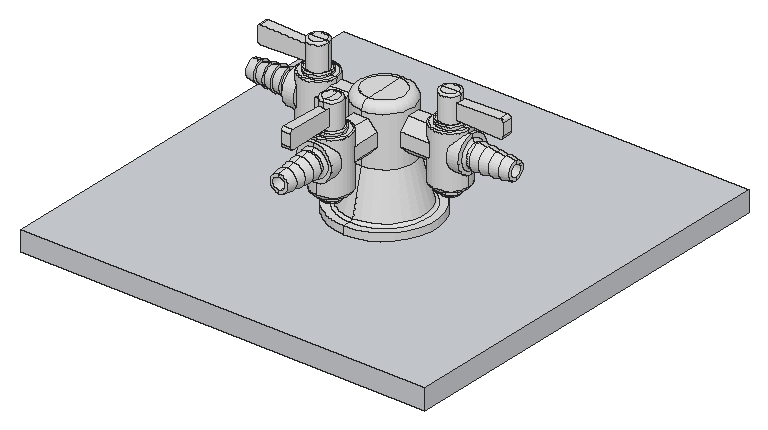
Revit family
Parameters (values of type "TG41C")
  WELSRating_ANZRS = ""
  URL = "www.galvinengineering.com.au"
  Type Comments = "Recommended Working Pressure 1 to 3 kPa (AS 5601)"
  StyleOrType_ANZRS = "Plumbing Fixture"
  PlumbingMaterial_ANZRS = Metal_Taps_DR-Brass-with-Chrome-Finish_10800
  Outlet = "Straight Turret"
  ModifiedIssue_ANZRS = 20120407.01  # constant formula
  Model = "TG41C"
  MinimumTemperature = 0 °C
  MinimumPressure = 0.00 kPa
  MaximumTemperature = 60 °C
  MaximumPressure = 7.00 kPa
  Manufacturer = "Galvin Engineering"
  Keynote = "10800"
  Instructions = "http://www.galvinengineering.com.au/Installation_Guides_1.aspx"
  Inlet = "15 BSP Male (15mm BSP female inlet available on request)"
  FlowRate = 0.023 m³/h
  FilterObject_ANZRS = "TG41"
  Description = "CP Lab 3-Way Straight Turret Type 41"
  Default Elevation = 900 mm
  CreatedBy_ANZRS = "Galvin Engineering"
  CreatedByURL_ANZRS = "www.galvinengineering.com.au"
  CreatedByPhoneNo_ANZRS = "61-8-92495900"
  Circulation_ANZRS = yes
  Assembly Code = "D2090100"
Types (3, lengths in mm): name | PlumbingMaterial_ANZRS | Model | Description
  (no name) | Metal_Taps_DR-Brass-with-Chrome-Finish_10800 | "TG41C" | "CP Lab 3-Way Straight Turret Type 41"
  TG41C | Metal_Taps_DR-Brass-with-Chrome-Finish_10800 | "TG41C" | "CP Lab 3-Way Straight Turret Type 41"
  TG41E | Metal_Taps_DR-Brass-with-Epoxy-Coating_10800 | "TG41E" | "Epoxy Coated Lab 3-Way Straight Turret Type 41"
Reference planes
  plane 1 "Center (Front/Back)": y = 0
  plane 2 "Face": z = 0
  plane 3 "Center (Left/Right)": x = 0
Forms (mm)
  Extrusion 1, solid
    sketch origin (0, -919.2, 0) x (1, 0, 0) y (0, 1, 0)
      loop
        line (-100, 1019.2) -> (-100, 819.2) -> (100, 819.2) -> (100, 1019.2) -> (-100, 1019.2)
    from 0 to -10
  Revolve 2, solid, material "Metal_Taps_DR-Brass-with-Chrome-Finish_10800" <- "PlumbingMaterial_ANZRS"
    sketch origin (0, 0, 0) x (0, -1, 0) y (0, 0, 1)
      loop
        line (-13.85, 25.5) -> (-19.692, 4.793)
        arc (-19.692, 4.793) -> (-20.23, 4.004) -> (-21.135, 3.7) r 1.5
        line (-21.135, 3.7) -> (-25, 3.7) -> (-25, 0) -> (0, 0) -> (0, 54) -> (-9.85, 54)
        arc (-9.85, 54) -> (-12.678, 52.828) -> (-13.85, 50) r 4
        line (-13.85, 50) -> (-13.85, 25.5)
      axis (0, 54) -> (0, 0)
    angle from 0 to 360
  Extrusion 3, solid, material "Metal_Taps_DR-Brass-with-Chrome-Finish_10800" <- "PlumbingMaterial_ANZRS"
    sketch origin (0, 0, 0) x (1, 0, 0) y (0, 0, 1)
      loop
        circle (0, 40.019) r 4.85
    from 11.787 to 14.646
  Extrusion 4, solid, material "Metal_Taps_DR-Brass-with-Chrome-Finish_10800" <- "PlumbingMaterial_ANZRS"
    sketch origin (0, 0, 0) x (0, 1, 0) y (0, 0, 1)
      loop
        circle (0, 40.019) r 4.85
    from 11.787 to 14.646
  Revolve 5, solid, material "Metal_Taps_DR-Brass-with-Chrome-Finish_10800"
    sketch origin (0, -0.004, 0) x (0, -1, 0) y (0, 0, 1)
      loop
        line (36.646, 65) -> (32.646, 65) -> (32.646, 24.019) -> (41.146, 24.019)
        arc (41.146, 24.019) -> (41.5, 24.165) -> (41.646, 24.519) r 0.5
        line (41.646, 24.519) -> (41.646, 50.019)
        arc (41.646, 50.019) -> (41.5, 50.372) -> (41.146, 50.519) r 0.5
        line (41.146, 50.519) -> (39.146, 50.519) -> (39.146, 51.519)
        arc (39.146, 51.519) -> (39, 51.872) -> (38.646, 52.019) r 0.5
        line (38.646, 52.019) -> (37.646, 52.019) -> (37.646, 64)
        arc (37.646, 64) -> (37.353, 64.707) -> (36.646, 65) r 1
      loop
        line (32.646, 19.519) -> (36.646, 19.519)
        arc (36.646, 19.519) -> (37, 19.665) -> (37.146, 20.019) r 0.5
        line (37.146, 20.019) -> (37.146, 21.269) -> (32.646, 21.269) -> (32.646, 19.519)
      axis (32.646, 65) -> (32.646, 19.519)
    angle from 0 to 360
  Extrusion 6, solid, material "Metal_Taps_DR-Brass-with-Chrome-Finish_10800"
    sketch origin (0, -0.004, -56.863) x (1, 0, 0) y (0, 0, 1)
      loop
        line (-8, 93.568) -> (-3.314, 88.882) -> (3.314, 88.882) -> (8, 93.568) -> (8, 100.196) -> (3.314, 104.882) -> (-3.314, 104.882) -> (-8, 100.196) -> (-8, 93.568)
    from 14.646 to 32.646
  Extrusion 7, solid, material "Metal_Taps_DR-Brass-with-Chrome-Finish_10800"
    sketch origin (0, 80.909, 0) x (0, -1, 0) y (1, 0, 0)
      loop
        line (111.178, -5.75) -> (115.941, -5.75) -> (119.309, -2.382) -> (119.309, 2.382) -> (115.941, 5.75) -> (111.178, 5.75) -> (107.809, 2.382) -> (107.809, -2.382) -> (111.178, -5.75)
    from 21.269 to 24.019
  Revolve 8, solid, material "Metal_Taps_DR-Brass-with-Chrome-Finish_10800"
    sketch origin (0, -0.004, 0) x (0, -1, 0) y (0, 0, 1)
      loop
        line (43.5, 48.769) -> (37.728, 48.769) -> (37.728, 40.019) -> (47, 40.019) -> (47, 43.019) -> (65, 43.019) -> (65, 44.319) -> (60.5, 45.019) -> (60.5, 44.219) -> (56, 45.519) -> (56, 44.719) -> (51.5, 46.019) -> (51.5, 45.219) -> (47, 46.219) -> (47, 45.419) -> (45, 45.419)
        arc (45, 45.419) -> (43.939, 45.858) -> (43.5, 46.919) r 1.5
        line (43.5, 46.919) -> (43.5, 48.769)
      axis (65, 40.019) -> (37.728, 40.019)
    angle from 0 to 360
  Extrusion 9, solid, material "Metal_Taps_DR-Brass-with-Chrome-Finish_10800"
    sketch origin (0, -0.004, 0) x (0, -1, 0) y (0, 0, 1)
      loop
        line (32.646, 61.44) -> (32.646, 54.079) -> (59.103, 53.313)
        arc (59.103, 53.313) -> (60.191, 53.737) -> (60.646, 54.813) r 1.5
        line (60.646, 54.813) -> (60.646, 60.706)
        arc (60.646, 60.706) -> (60.191, 61.782) -> (59.103, 62.205) r 1.5
        line (59.103, 62.205) -> (32.646, 61.44)
    from -2.248 to 2.252
  Revolve 10, solid, material "Metal_Taps_DR-Brass-with-Chrome-Finish_10800"
    sketch origin (-0.004, 0, 0) x (-1, 0, 0) y (0, 0, 1)
      loop
        line (36.646, 65) -> (32.646, 65) -> (32.646, 24.019) -> (41.146, 24.019)
        arc (41.146, 24.019) -> (41.5, 24.165) -> (41.646, 24.519) r 0.5
        line (41.646, 24.519) -> (41.646, 50.019)
        arc (41.646, 50.019) -> (41.5, 50.372) -> (41.146, 50.519) r 0.5
        line (41.146, 50.519) -> (39.146, 50.519) -> (39.146, 51.519)
        arc (39.146, 51.519) -> (39, 51.872) -> (38.646, 52.019) r 0.5
        line (38.646, 52.019) -> (37.646, 52.019) -> (37.646, 64)
        arc (37.646, 64) -> (37.353, 64.707) -> (36.646, 65) r 1
      loop
        line (32.646, 19.519) -> (36.646, 19.519)
        arc (36.646, 19.519) -> (37, 19.665) -> (37.146, 20.019) r 0.5
        line (37.146, 20.019) -> (37.146, 21.269) -> (32.646, 21.269) -> (32.646, 19.519)
      axis (32.646, 65) -> (32.646, 19.519)
    angle from 0 to 360
  Extrusion 11, solid, material "Metal_Taps_DR-Brass-with-Chrome-Finish_10800"
    sketch origin (-0.004, 0, -56.863) x (0, -1, 0) y (0, 0, 1)
      loop
        line (-8, 93.568) -> (-3.314, 88.882) -> (3.314, 88.882) -> (8, 93.568) -> (8, 100.196) -> (3.314, 104.882) -> (-3.314, 104.882) -> (-8, 100.196) -> (-8, 93.568)
    from 14.646 to 32.646
  Extrusion 12, solid, material "Metal_Taps_DR-Brass-with-Chrome-Finish_10800"
    sketch origin (80.909, 0, 0) x (-1, 0, 0) y (0, -1, 0)
      loop
        line (111.178, -5.75) -> (115.941, -5.75) -> (119.309, -2.382) -> (119.309, 2.382) -> (115.941, 5.75) -> (111.178, 5.75) -> (107.809, 2.382) -> (107.809, -2.382) -> (111.178, -5.75)
    from 21.269 to 24.019
  Revolve 13, solid, material "Metal_Taps_DR-Brass-with-Chrome-Finish_10800"
    sketch origin (-0.004, 0, 0) x (-1, 0, 0) y (0, 0, 1)
      loop
        line (43.5, 48.769) -> (37.728, 48.769) -> (37.728, 40.019) -> (47, 40.019) -> (47, 43.019) -> (65, 43.019) -> (65, 44.319) -> (60.5, 45.019) -> (60.5, 44.219) -> (56, 45.519) -> (56, 44.719) -> (51.5, 46.019) -> (51.5, 45.219) -> (47, 46.219) -> (47, 45.419) -> (45, 45.419)
        arc (45, 45.419) -> (43.939, 45.858) -> (43.5, 46.919) r 1.5
        line (43.5, 46.919) -> (43.5, 48.769)
      axis (65, 40.019) -> (37.728, 40.019)
    angle from 0 to 360
  Extrusion 14, solid, material "Metal_Taps_DR-Brass-with-Chrome-Finish_10800"
    sketch origin (-0.004, 0, 0) x (-1, 0, 0) y (0, 0, 1)
      loop
        line (32.646, 61.44) -> (32.646, 54.079) -> (59.103, 53.313)
        arc (59.103, 53.313) -> (60.191, 53.737) -> (60.646, 54.813) r 1.5
        line (60.646, 54.813) -> (60.646, 60.706)
        arc (60.646, 60.706) -> (60.191, 61.782) -> (59.103, 62.205) r 1.5
        line (59.103, 62.205) -> (32.646, 61.44)
    from -2.248 to 2.252
  Revolve 15, solid, material "Metal_Taps_DR-Brass-with-Chrome-Finish_10800"
    sketch origin (0.004, 0, 0) x (1, 0, 0) y (0, 0, 1)
      loop
        line (36.646, 65) -> (32.646, 65) -> (32.646, 24.019) -> (41.146, 24.019)
        arc (41.146, 24.019) -> (41.5, 24.165) -> (41.646, 24.519) r 0.5
        line (41.646, 24.519) -> (41.646, 50.019)
        arc (41.646, 50.019) -> (41.5, 50.372) -> (41.146, 50.519) r 0.5
        line (41.146, 50.519) -> (39.146, 50.519) -> (39.146, 51.519)
        arc (39.146, 51.519) -> (39, 51.872) -> (38.646, 52.019) r 0.5
        line (38.646, 52.019) -> (37.646, 52.019) -> (37.646, 64)
        arc (37.646, 64) -> (37.353, 64.707) -> (36.646, 65) r 1
      loop
        line (32.646, 19.519) -> (36.646, 19.519)
        arc (36.646, 19.519) -> (37, 19.665) -> (37.146, 20.019) r 0.5
        line (37.146, 20.019) -> (37.146, 21.269) -> (32.646, 21.269) -> (32.646, 19.519)
      axis (32.646, 65) -> (32.646, 19.519)
    angle from 0 to 360
  Extrusion 16, solid, material "Metal_Taps_DR-Brass-with-Chrome-Finish_10800"
    sketch origin (0.004, 0, -56.863) x (0, 1, 0) y (0, 0, 1)
      loop
        line (8, 93.568) -> (8, 100.196) -> (3.314, 104.882) -> (-3.314, 104.882) -> (-8, 100.196) -> (-8, 93.568) -> (-3.314, 88.882) -> (3.314, 88.882) -> (8, 93.568)
    from 14.646 to 32.646
  Extrusion 17, solid, material "Metal_Taps_DR-Brass-with-Chrome-Finish_10800"
    sketch origin (-80.909, 0, 0) x (1, 0, 0) y (0, 1, 0)
      loop
        line (111.178, 5.75) -> (107.809, 2.382) -> (107.809, -2.382) -> (111.178, -5.75) -> (115.941, -5.75) -> (119.309, -2.382) -> (119.309, 2.382) -> (115.941, 5.75) -> (111.178, 5.75)
    from 21.269 to 24.019
  Revolve 18, solid, material "Metal_Taps_DR-Brass-with-Chrome-Finish_10800"
    sketch origin (0.004, 0, 0) x (1, 0, 0) y (0, 0, 1)
      loop
        line (43.5, 48.769) -> (37.728, 48.769) -> (37.728, 40.019) -> (47, 40.019) -> (47, 43.019) -> (65, 43.019) -> (65, 44.319) -> (60.5, 45.019) -> (60.5, 44.219) -> (56, 45.519) -> (56, 44.719) -> (51.5, 46.019) -> (51.5, 45.219) -> (47, 46.219) -> (47, 45.419) -> (45, 45.419)
        arc (45, 45.419) -> (43.939, 45.858) -> (43.5, 46.919) r 1.5
        line (43.5, 46.919) -> (43.5, 48.769)
      axis (65, 40.019) -> (37.728, 40.019)
    angle from 0 to 360
  Extrusion 19, solid, material "Metal_Taps_DR-Brass-with-Chrome-Finish_10800"
    sketch origin (0.004, 0, 0) x (1, 0, 0) y (0, 0, 1)
      loop
        line (32.646, 61.44) -> (32.646, 54.079) -> (59.103, 53.313)
        arc (59.103, 53.313) -> (60.191, 53.737) -> (60.646, 54.813) r 1.5
        line (60.646, 54.813) -> (60.646, 60.706)
        arc (60.646, 60.706) -> (60.191, 61.782) -> (59.103, 62.205) r 1.5
        line (59.103, 62.205) -> (32.646, 61.44)
    from -2.248 to 2.252
Cuts and joins
  joined: Revolve 2, Extrusion 3, Extrusion 4
  joined: Revolve 10, Extrusion 11, Revolve 13, Extrusion 14
  joined: Revolve 5, Extrusion 6, Revolve 8, Extrusion 9
  joined: Revolve 15, Extrusion 16, Revolve 18, Extrusion 19
Lines and regions (mm)
  symbolic lines, style "Taps/Mixers"
    curve 1: arc (0, 21.135, 3.7) -> (0, 20.23, 4.004) -> (0, 19.692, 4.793) r 1.5
    curve 2: arc (0, -19.692, 4.793) -> (0, -20.23, 4.004) -> (0, -21.135, 3.7) r 1.5
    curve 3: arc (0, -13.85, 50) -> (0, -12.678, 52.828) -> (0, -9.85, 54) r 4
    curve 4: arc (0, 9.85, 54) -> (0, 12.678, 52.828) -> (0, 13.85, 50) r 4
    curve 5: line (0, -19.692, 4.793) -> (0, -13.85, 25.5)
    curve 6: line (0, -13.85, 25.5) -> (0, -9.043, 25.5)
    curve 7: line (0, 19.692, 4.793) -> (0, 13.85, 25.5)
    curve 8: line (0, -25, 3.7) -> (0, -25, 0)
    curve 9: line (0, 25, 0) -> (0, 25, 3.7)
    curve 10: line (0, 25, 3.7) -> (0, -25, 3.7)
    curve 11: line (0, 13.85, 25.5) -> (0, 13.85, 50)
    curve 12: line (0, -13.85, 25.5) -> (0, -13.85, 50)
    curve 13: line (0, 9.85, 54) -> (0, 5.006, 54)
    curve 14: line (0, -25, 0) -> (0, 25, 0)
    curve 15: arc (8, -18.581, 0) -> (14.305, -14.305, 0) -> (18.581, -8, 0) r 20.23
    curve 16: circle (0, 0, 0) r 13.85 normal (0, 0, 1)
    curve 17: arc (8, -24.213, 0) -> (18.031, -18.031, 0) -> (24.213, -8, 0) r 25.5
    curve 18: arc (-21.135, 0, 3.7) -> (-20.23, 0, 4.004) -> (-19.692, 0, 4.793) r 1.5
    curve 19: arc (19.692, 0, 4.793) -> (20.23, 0, 4.004) -> (21.135, 0, 3.7) r 1.5
    curve 20: arc (13.85, 0, 50) -> (12.678, 0, 52.828) -> (9.85, 0, 54) r 4
    curve 21: arc (-9.85, 0, 54) -> (-12.678, 0, 52.828) -> (-13.85, 0, 50) r 4
    curve 22: line (19.692, 0, 4.793) -> (13.85, 0, 25.5)
    curve 23: line (-19.692, 0, 4.793) -> (-13.85, 0, 25.5)
    curve 24: line (25, 0, 3.7) -> (25, 0, 0)
    curve 25: line (-25, 0, 0) -> (-25, 0, 3.7)
    curve 26: line (-25, 0, 3.7) -> (25, 0, 3.7)
    curve 27: line (-13.85, 0, 25.5) -> (-13.85, 0, 50)
    curve 28: line (13.85, 0, 25.5) -> (13.85, 0, 50)
    curve 29: line (-9.85, 0, 54) -> (-5.002, 0, 54)
    curve 30: line (25, 0, 0) -> (-25, 0, 0)
    curve 31: line (13.85, 0, 25.5) -> (9, 0, 25.5)
    curve 32: line (0, -14.646, 35.155) -> (0, -13.85, 35.155)
    curve 33: line (0, -13.85, 44.883) -> (0, -14.646, 44.883)
    curve 34: line (-4.85, -14.65, 0) -> (-4.85, -12.973, 0)
    curve 35: line (4.85, -14.65, 0) -> (4.85, -12.973, 0)
    curve 36: line (-9.01, 0, 25.5) -> (-13.85, 0, 25.5)
    curve 37: line (4.995, 0, 54) -> (9.85, 0, 54)
    curve 38: line (14.65, -4.85, 0) -> (12.973, -4.85, 0)
    curve 39: line (14.65, 4.85, 0) -> (12.973, 4.85, 0)
    curve 40: arc (24.213, 8, 0) -> (0, 25.5, 0) -> (-24.213, 8, 0) r 25.5
    curve 41: line (14.646, 0, 44.869) -> (13.85, 0, 44.869)
    curve 42: line (14.646, 0, 35.169) -> (13.85, 0, 35.169)
    curve 43: arc (-24.183, -8.09, 0) -> (-17.998, -18.065, 0) -> (-8, -24.213, 0) r 25.5
    curve 44: line (0, 9.03, 25.5) -> (0, 13.85, 25.5)
    curve 45: line (0, -4.988, 54) -> (0, -9.85, 54)
    curve 46: arc (0, -28.65, 65) -> (0, -27.943, 64.707) -> (0, -27.65, 64) r 1
    curve 47: arc (0, -28.15, 20.019) -> (0, -28.296, 19.665) -> (0, -28.65, 19.519) r 0.5
    curve 48: arc (0, -26.9, 21.769) -> (0, -28.525, 21.269) -> (0, -30.15, 21.769) r 2.89
    curve 49: arc (0, -23.65, 48.019) -> (0, -25.022, 45.384) -> (0, -27.107, 43.269) r 10
    curve 50: arc (0, -27.4, 24.519) -> (0, -27.546, 24.165) -> (0, -27.9, 24.019) r 0.5
    curve 51: arc (0, -23.65, 29.519) -> (0, -23.796, 29.165) -> (0, -24.15, 29.019) r 0.5
    curve 52: arc (0, -27.092, 36.78) -> (0, -25.013, 34.658) -> (0, -23.65, 32.019) r 10
    curve 53: arc (0, -27.4, 28.519) -> (0, -27.254, 28.872) -> (0, -26.9, 29.019) r 0.5
    curve 54: arc (0, -24.15, 50.519) -> (0, -23.796, 50.372) -> (0, -23.65, 50.019) r 0.5
    curve 55: arc (0, -26.65, 52.019) -> (0, -26.296, 51.872) -> (0, -26.15, 51.519) r 0.5
    curve 56: arc (0, -41.65, 48.769) -> (0, -37.732, 40.019) -> (0, -41.65, 31.269) r 11.73
    curve 57: arc (0, -36.65, 19.519) -> (0, -37.004, 19.665) -> (0, -37.15, 20.019) r 0.5
    curve 58: arc (0, -35.15, 21.769) -> (0, -36.775, 21.269) -> (0, -38.4, 21.769) r 2.89
    curve 59: arc (0, -30.15, 21.769) -> (0, -32.65, 21.269) -> (0, -35.15, 21.769) r 6.5
    curve 60: arc (0, -41.15, 24.019) -> (0, -41.504, 24.165) -> (0, -41.65, 24.519) r 0.5
    curve 61: arc (0, -45.004, 34.419) -> (0, -43.943, 33.979) -> (0, -43.504, 32.919) r 1.5
    curve 62: arc (0, -43.004, 31.269) -> (0, -43.357, 31.415) -> (0, -43.504, 31.769) r 0.5
    curve 63: arc (0, -37.65, 64) -> (0, -37.357, 64.707) -> (0, -36.65, 65) r 1
    curve 64: arc (0, -41.65, 50.019) -> (0, -41.504, 50.372) -> (0, -41.15, 50.519) r 0.5
    curve 65: arc (0, -39.15, 51.519) -> (0, -39.004, 51.872) -> (0, -38.65, 52.019) r 0.5
    curve 66: arc (0, -43.504, 47.119) -> (0, -43.943, 46.058) -> (0, -45.004, 45.619) r 1.5
    curve 67: arc (0, -59.107, 53.313) -> (0, -60.195, 53.737) -> (0, -60.65, 54.813) r 1.5
    curve 68: arc (0, -60.65, 60.706) -> (0, -60.195, 61.782) -> (0, -59.107, 62.205) r 1.5
    curve 69: line (0, -23.65, 50.019) -> (0, -23.65, 48.019)
    curve 70: line (0, -23.65, 48.019) -> (0, -14.65, 48.019)
    curve 71: line (0, -14.65, 48.019) -> (0, -14.65, 32.019)
    curve 72: line (0, -14.65, 32.019) -> (0, -23.65, 32.019)
    curve 73: line (0, -23.65, 29.519) -> (0, -23.65, 32.019)
    curve 74: line (0, -14.65, 36.769) -> (0, -27.107, 36.769)
    curve 75: line (0, -27.107, 36.769) -> (0, -27.107, 43.269)
    curve 76: line (0, -27.107, 43.269) -> (0, -14.65, 43.269)
    curve 77: line (0, -60.504, 45.019) -> (0, -60.504, 35.019)
    curve 78: line (0, -60.504, 35.019) -> (0, -65.004, 35.681)
    curve 79: line (0, -60.504, 45.019) -> (0, -65.004, 44.319)
    curve 80: line (0, -65.004, 44.319) -> (0, -65.004, 35.681)
    curve 81: line (0, -24.15, 50.519) -> (0, -41.15, 50.519)
    curve 82: line (0, -26.65, 52.019) -> (0, -38.65, 52.019)
    curve 83: line (0, -28.15, 21.269) -> (0, -37.15, 21.269)
    curve 84: line (0, -37.15, 21.269) -> (0, -37.15, 20.019)
    curve 85: line (0, -41.15, 24.019) -> (0, -27.9, 24.019)
    curve 86: line (0, -27.4, 24.519) -> (0, -27.4, 28.519)
    curve 87: line (0, -26.9, 25.519) -> (0, -26.9, 21.769)
    curve 88: line (0, -28.15, 20.019) -> (0, -28.15, 21.269)
    curve 89: line (0, -26.9, 29.019) -> (0, -24.15, 29.019)
    curve 90: line (0, -27.65, 64) -> (0, -27.65, 52.019)
    curve 91: line (0, -26.15, 51.519) -> (0, -26.15, 50.519)
    curve 92: line (0, -37.65, 53.934) -> (0, -59.107, 53.313)
    curve 93: line (0, -37.65, 61.585) -> (0, -59.107, 62.205)
    curve 94: line (0, -47.004, 45.619) -> (0, -45.004, 45.619)
    curve 95: line (0, -47.004, 34.419) -> (0, -45.004, 34.419)
    curve 96: line (0, -43.504, 48.269) -> (0, -43.504, 31.769)
    curve 97: line (0, -36.65, 19.519) -> (0, -28.65, 19.519)
    curve 98: line (0, -30.15, 21.769) -> (0, -30.15, 24.019)
    curve 99: line (0, -35.15, 24.019) -> (0, -35.15, 21.769)
    curve 100: line (0, -43.004, 31.269) -> (0, -41.65, 31.269)
    curve 101: line (0, -41.65, 31.269) -> (0, -41.65, 24.519)
    curve 102: line (0, -38.4, 21.769) -> (0, -38.4, 24.019)
    curve 103: line (0, -28.65, 65) -> (0, -36.65, 65)
    curve 104: line (0, -37.65, 64) -> (0, -37.65, 52.019)
    curve 105: line (0, -39.15, 51.519) -> (0, -39.15, 50.519)
    curve 106: line (0, -41.65, 50.019) -> (0, -41.65, 48.769)
    curve 107: line (0, -41.65, 48.769) -> (0, -43.004, 48.769)
    curve 108: line (0, -51.504, 34.019) -> (0, -51.504, 46.019)
    curve 109: line (0, -51.504, 46.019) -> (0, -56.004, 45.019)
    curve 110: line (0, -56.004, 34.519) -> (0, -56.004, 45.519)
    curve 111: line (0, -56.004, 45.519) -> (0, -60.504, 44.519)
    curve 112: line (0, -47.004, 46.219) -> (0, -47.004, 33.819)
    curve 113: line (0, -47.004, 33.819) -> (0, -51.504, 34.819)
    curve 114: line (0, -56.004, 35.019) -> (0, -51.504, 34.019)
    curve 115: line (0, -60.504, 35.519) -> (0, -56.004, 34.519)
    curve 116: line (0, -51.504, 45.219) -> (0, -47.004, 46.219)
    curve 117: line (0, -60.65, 60.706) -> (0, -60.65, 54.813)
    curve 118: arc (0, -43.004, 48.769) -> (0, -43.357, 48.622) -> (0, -43.504, 48.269) r 0.5
    curve 119: line (0, -26.9, 25.519) -> (0, -27.4, 25.519)
    curve 120: arc (-5.602, -45.004, 0) -> (-5.989, -44.109, 0) -> (-6.752, -43.504, 0) r 2
    curve 121: arc (2.25, -41.364, 0) -> (0, -23.65, 0) -> (-2.25, -41.364, 0) r 9
    curve 122: circle (-0.002, -32.65, 0) r 5 normal (0, 0, 1)
    curve 124: arc (6.748, -43.504, 0) -> (5.984, -44.109, 0) -> (5.598, -45.004, 0) r 2
    curve 125: arc (1.25, -60.67, 0) -> (1.957, -60.377, 0) -> (2.25, -59.67, 0) r 1
    curve 126: arc (-2.25, -59.67, 0) -> (-1.957, -60.377, 0) -> (-1.25, -60.67, 0) r 1
    curve 127: line (-2.25, -43.504, 0) -> (-6.752, -43.504, 0)
    curve 128: line (-6.752, -43.504, 0) -> (-6.752, -38.6, 0)
    curve 129: line (-8, -28.527, 0) -> (-8, -14.65, 0)
    curve 130: line (-8, -14.65, 0) -> (8, -14.65, 0)
    curve 131: line (8, -14.65, 0) -> (8, -28.527, 0)
    curve 132: line (-2.25, -47.004, 0) -> (-6.202, -47.004, 0)
    curve 133: line (-6.202, -47.004, 0) -> (-5.202, -51.504, 0)
    curve 134: line (2.25, -47.004, 0) -> (6.198, -47.004, 0)
    curve 135: line (6.198, -47.004, 0) -> (5.198, -51.504, 0)
    curve 136: line (2.25, -59.67, 0) -> (2.25, -37.114, 0)
    curve 137: line (-2.25, -59.67, 0) -> (-2.25, -37.116, 0)
    curve 138: line (-3.25, -24.257, 0) -> (-3.25, -14.65, 0)
    curve 139: line (3.25, -24.257, 0) -> (3.25, -14.65, 0)
    curve 140: line (-5.602, -45.004, 0) -> (-5.602, -47.004, 0)
    curve 141: line (6.748, -38.606, 0) -> (6.748, -43.504, 0)
    curve 142: line (6.748, -43.504, 0) -> (2.25, -43.504, 0)
    curve 143: line (5.598, -45.004, 0) -> (5.598, -47.004, 0)
    curve 144: line (-2.25, -51.504, 0) -> (-6.002, -51.504, 0)
    curve 145: line (-6.002, -51.504, 0) -> (-5.002, -56.004, 0)
    curve 146: line (-2.25, -56.004, 0) -> (-5.502, -56.004, 0)
    curve 147: line (-5.502, -56.004, 0) -> (-4.502, -60.504, 0)
    curve 148: line (-1.25, -60.67, 0) -> (1.25, -60.67, 0)
    curve 149: line (2.25, -51.504, 0) -> (5.998, -51.504, 0)
    curve 150: line (5.998, -51.504, 0) -> (4.998, -56.004, 0)
    curve 151: line (2.25, -56.004, 0) -> (5.498, -56.004, 0)
    curve 152: line (5.498, -56.004, 0) -> (4.498, -60.504, 0)
    curve 153: line (-5.002, -60.504, 0) -> (4.998, -60.504, 0)
    curve 154: line (4.998, -60.504, 0) -> (4.367, -64.559, 0)
    curve 155: line (3.848, -65.004, 0) -> (-3.872, -65.004, 0)
    curve 156: line (-4.368, -64.579, 0) -> (-5.002, -60.504, 0)
    curve 157: arc (-3.872, -65.004, 0) -> (-4.199, -64.883, 0) -> (-4.368, -64.579, 0) r 0.502
    curve 158: arc (4.367, -64.559, 0) -> (4.189, -64.878, 0) -> (3.848, -65.004, 0) r 0.525
    curve 159: arc (-4, -14.65, 65.019) -> (-4.707, -14.65, 64.726) -> (-5, -14.65, 64.019) r 1
    curve 160: arc (-4.5, -14.65, 20.038) -> (-4.354, -14.65, 19.684) -> (-4, -14.65, 19.538) r 0.5
    curve 161: arc (-5.75, -14.65, 21.788) -> (-4.125, -14.65, 21.287) -> (-2.5, -14.65, 21.788) r 2.89
    curve 162: arc (-8.5, -14.65, 50.538) -> (-8.854, -14.65, 50.391) -> (-9, -14.65, 50.038) r 0.5
    curve 163: arc (-6, -14.65, 52.038) -> (-6.354, -14.65, 51.891) -> (-6.5, -14.65, 51.538) r 0.5
    curve 164: arc (4, -14.65, 19.538) -> (4.354, -14.65, 19.684) -> (4.5, -14.65, 20.038) r 0.5
    curve 165: arc (2.5, -14.65, 21.788) -> (4.125, -14.65, 21.287) -> (5.75, -14.65, 21.788) r 2.89
    curve 166: arc (-2.5, -14.65, 21.788) -> (0, -14.65, 21.288) -> (2.5, -14.65, 21.788) r 6.5
    curve 167: arc (8.5, -14.65, 24.038) -> (8.854, -14.65, 24.184) -> (9, -14.65, 24.538) r 0.5
    curve 168: arc (5, -14.65, 64.019) -> (4.707, -14.65, 64.726) -> (4, -14.65, 65.019) r 1
    curve 169: arc (9, -14.65, 50.038) -> (8.854, -14.65, 50.391) -> (8.5, -14.65, 50.538) r 0.5
    curve 170: arc (6.5, -14.65, 51.538) -> (6.354, -14.65, 51.891) -> (6, -14.65, 52.038) r 0.5
    curve 171: line (-9, -14.65, 24.538) -> (-9, -14.65, 50.038)
    curve 172: line (-8.5, -14.65, 50.538) -> (8.5, -14.65, 50.538)
    curve 173: line (-6, -14.65, 52.038) -> (6, -14.65, 52.038)
    curve 174: line (-4.5, -14.65, 21.288) -> (4.5, -14.65, 21.288)
    curve 175: line (4.5, -14.65, 21.288) -> (4.5, -14.65, 20.038)
    curve 176: line (8.5, -14.65, 24.038) -> (-8.5, -14.65, 24.038)
    curve 177: line (-5.75, -14.65, 24.038) -> (-5.75, -14.65, 21.788)
    curve 178: line (-4.5, -14.65, 20.038) -> (-4.5, -14.65, 21.288)
    curve 179: line (-5, -14.65, 64.019) -> (-5, -14.65, 52.038)
    curve 180: line (-6.5, -14.65, 51.538) -> (-6.5, -14.65, 50.538)
    curve 181: line (4, -14.65, 19.538) -> (-4, -14.65, 19.538)
    curve 182: line (-2.5, -14.65, 21.788) -> (-2.5, -14.65, 24.038)
    curve 183: line (2.5, -14.65, 24.038) -> (2.5, -14.65, 21.788)
    curve 184: line (9, -14.65, 50.038) -> (9, -14.65, 24.538)
    curve 185: line (5.75, -14.65, 21.788) -> (5.75, -14.65, 24.038)
    curve 186: line (-4, -14.65, 65.019) -> (4, -14.65, 65.019)
    curve 187: line (5, -14.65, 64.019) -> (5, -14.65, 52.038)
    curve 188: line (6.5, -14.65, 51.538) -> (6.5, -14.65, 50.538)
    curve 189: arc (-8.5, -14.65, 24.038) -> (-8.854, -14.65, 24.184) -> (-9, -14.65, 24.538) r 0.5
    curve 190: line (-2.252, -14.65, 63.225) -> (-2.252, -14.65, 53.832)
    curve 191: line (2.248, -14.65, 53.832) -> (2.248, -14.65, 63.225)
    curve 192: line (-1.752, -14.65, 63.725) -> (1.748, -14.65, 63.725)
    curve 193: line (-1.752, -14.65, 53.332) -> (1.748, -14.65, 53.332)
    curve 194: circle (0, -14.65, 40.019) r 4.319 normal (0, -1, 0)
    curve 195: circle (0, -14.65, 40.038) r 8.763 normal (0, -1, 0)
    curve 196: circle (0, -14.65, 40.038) r 7.1 normal (0, -1, 0)
    curve 197: circle (0, -14.65, 40.019) r 3.3 normal (0, -1, 0)
    curve 198: arc (-1.752, -14.65, 63.725) -> (-2.106, -14.65, 63.578) -> (-2.252, -14.65, 63.225) r 0.5
    curve 199: arc (1.748, -14.65, 63.725) -> (2.101, -14.65, 63.578) -> (2.248, -14.65, 63.225) r 0.5
    curve 200: arc (-2.252, -14.65, 53.832) -> (-2.106, -14.65, 53.478) -> (-1.752, -14.65, 53.332) r 0.5
    curve 201: arc (1.748, -14.65, 53.332) -> (2.101, -14.65, 53.478) -> (2.248, -14.65, 53.832) r 0.5
    curve 202: arc (-28.65, 0, 65) -> (-27.943, 0, 64.707) -> (-27.65, 0, 64) r 1
    curve 203: arc (-28.15, 0, 20.019) -> (-28.296, 0, 19.665) -> (-28.65, 0, 19.519) r 0.5
    curve 204: arc (-26.9, 0, 21.769) -> (-28.525, 0, 21.269) -> (-30.15, 0, 21.769) r 2.89
    curve 205: arc (-23.65, 0, 48.019) -> (-25.022, 0, 45.384) -> (-27.107, 0, 43.269) r 10
    curve 206: arc (-27.4, 0, 24.519) -> (-27.546, 0, 24.165) -> (-27.9, 0, 24.019) r 0.5
    curve 207: arc (-23.65, 0, 29.519) -> (-23.796, 0, 29.165) -> (-24.15, 0, 29.019) r 0.5
    curve 208: arc (-27.092, 0, 36.78) -> (-25.013, 0, 34.658) -> (-23.65, 0, 32.019) r 10
    curve 209: arc (-27.4, 0, 28.519) -> (-27.254, 0, 28.872) -> (-26.9, 0, 29.019) r 0.5
    curve 210: arc (-24.15, 0, 50.519) -> (-23.796, 0, 50.372) -> (-23.65, 0, 50.019) r 0.5
    curve 211: arc (-26.65, 0, 52.019) -> (-26.296, 0, 51.872) -> (-26.15, 0, 51.519) r 0.5
    curve 212: arc (-41.65, 0, 48.769) -> (-37.732, 0, 40.019) -> (-41.65, 0, 31.269) r 11.73
    curve 213: arc (-36.65, 0, 19.519) -> (-37.004, 0, 19.665) -> (-37.15, 0, 20.019) r 0.5
    curve 214: arc (-35.15, 0, 21.769) -> (-36.775, 0, 21.269) -> (-38.4, 0, 21.769) r 2.89
    curve 215: arc (-30.15, 0, 21.769) -> (-32.65, 0, 21.269) -> (-35.15, 0, 21.769) r 6.5
    curve 216: arc (-41.15, 0, 24.019) -> (-41.504, 0, 24.165) -> (-41.65, 0, 24.519) r 0.5
    curve 217: arc (-45.004, 0, 34.419) -> (-43.943, 0, 33.979) -> (-43.504, 0, 32.919) r 1.5
    curve 218: arc (-43.004, 0, 31.269) -> (-43.357, 0, 31.415) -> (-43.504, 0, 31.769) r 0.5
    curve 219: arc (-37.65, 0, 64) -> (-37.357, 0, 64.707) -> (-36.65, 0, 65) r 1
    curve 220: arc (-41.65, 0, 50.019) -> (-41.504, 0, 50.372) -> (-41.15, 0, 50.519) r 0.5
    curve 221: arc (-39.15, 0, 51.519) -> (-39.004, 0, 51.872) -> (-38.65, 0, 52.019) r 0.5
    curve 222: arc (-43.504, 0, 47.119) -> (-43.943, 0, 46.058) -> (-45.004, 0, 45.619) r 1.5
    curve 223: arc (-59.107, 0, 53.313) -> (-60.195, 0, 53.737) -> (-60.65, 0, 54.813) r 1.5
    curve 224: arc (-60.65, 0, 60.706) -> (-60.195, 0, 61.782) -> (-59.107, 0, 62.205) r 1.5
    curve 225: line (-23.65, 0, 50.019) -> (-23.65, 0, 48.019)
    curve 226: line (-23.65, 0, 48.019) -> (-14.65, 0, 48.019)
    curve 227: line (-14.65, 0, 48.019) -> (-14.65, 0, 32.019)
    curve 228: line (-14.65, 0, 32.019) -> (-23.65, 0, 32.019)
    curve 229: line (-23.65, 0, 29.519) -> (-23.65, 0, 32.019)
    curve 230: line (-14.65, 0, 36.769) -> (-27.107, 0, 36.769)
    curve 231: line (-27.107, 0, 36.769) -> (-27.107, 0, 43.269)
    curve 232: line (-27.107, 0, 43.269) -> (-14.65, 0, 43.269)
    curve 233: line (-60.504, 0, 45.019) -> (-60.504, 0, 35.019)
    curve 234: line (-60.504, 0, 35.019) -> (-65.004, 0, 35.681)
    curve 235: line (-60.504, 0, 45.019) -> (-65.004, 0, 44.319)
    curve 236: line (-65.004, 0, 44.319) -> (-65.004, 0, 35.681)
    curve 237: line (-24.15, 0, 50.519) -> (-41.15, 0, 50.519)
    curve 238: line (-26.65, 0, 52.019) -> (-38.65, 0, 52.019)
    curve 239: line (-28.15, 0, 21.269) -> (-37.15, 0, 21.269)
    curve 240: line (-37.15, 0, 21.269) -> (-37.15, 0, 20.019)
    curve 241: line (-41.15, 0, 24.019) -> (-27.9, 0, 24.019)
    curve 242: line (-27.4, 0, 24.519) -> (-27.4, 0, 28.519)
    curve 243: line (-26.9, 0, 25.519) -> (-26.9, 0, 21.769)
    curve 244: line (-28.15, 0, 20.019) -> (-28.15, 0, 21.269)
    curve 245: line (-26.9, 0, 29.019) -> (-24.15, 0, 29.019)
    curve 246: line (-27.65, 0, 64) -> (-27.65, 0, 52.019)
    curve 247: line (-26.15, 0, 51.519) -> (-26.15, 0, 50.519)
    curve 248: line (-37.65, 0, 53.934) -> (-59.107, 0, 53.313)
    curve 249: line (-37.65, 0, 61.585) -> (-59.107, 0, 62.205)
    curve 250: line (-47.004, 0, 45.619) -> (-45.004, 0, 45.619)
    curve 251: line (-47.004, 0, 34.419) -> (-45.004, 0, 34.419)
    curve 252: line (-43.504, 0, 48.269) -> (-43.504, 0, 31.769)
    curve 253: line (-36.65, 0, 19.519) -> (-28.65, 0, 19.519)
    curve 254: line (-30.15, 0, 21.769) -> (-30.15, 0, 24.019)
    curve 255: line (-35.15, 0, 24.019) -> (-35.15, 0, 21.769)
    curve 256: line (-43.004, 0, 31.269) -> (-41.65, 0, 31.269)
    curve 257: line (-41.65, 0, 31.269) -> (-41.65, 0, 24.519)
    curve 258: line (-38.4, 0, 21.769) -> (-38.4, 0, 24.019)
    curve 259: line (-28.65, 0, 65) -> (-36.65, 0, 65)
    curve 260: line (-37.65, 0, 64) -> (-37.65, 0, 52.019)
    curve 261: line (-39.15, 0, 51.519) -> (-39.15, 0, 50.519)
    curve 262: line (-41.65, 0, 50.019) -> (-41.65, 0, 48.769)
    curve 263: line (-41.65, 0, 48.769) -> (-43.004, 0, 48.769)
    curve 264: line (-51.504, 0, 34.019) -> (-51.504, 0, 46.019)
    curve 265: line (-51.504, 0, 46.019) -> (-56.004, 0, 45.019)
    curve 266: line (-56.004, 0, 34.519) -> (-56.004, 0, 45.519)
    curve 267: line (-56.004, 0, 45.519) -> (-60.504, 0, 44.519)
    curve 268: line (-47.004, 0, 46.219) -> (-47.004, 0, 33.819)
    curve 269: line (-47.004, 0, 33.819) -> (-51.504, 0, 34.819)
    curve 270: line (-56.004, 0, 35.019) -> (-51.504, 0, 34.019)
    curve 271: line (-60.504, 0, 35.519) -> (-56.004, 0, 34.519)
    curve 272: line (-51.504, 0, 45.219) -> (-47.004, 0, 46.219)
    curve 273: line (-60.65, 0, 60.706) -> (-60.65, 0, 54.813)
    curve 274: arc (-43.004, 0, 48.769) -> (-43.357, 0, 48.622) -> (-43.504, 0, 48.269) r 0.5
    curve 275: line (-26.9, 0, 25.519) -> (-27.4, 0, 25.519)
    curve 276: arc (-45.004, 5.602, 0) -> (-44.109, 5.989, 0) -> (-43.504, 6.752, 0) r 2
    curve 277: arc (-41.364, -2.25, 0) -> (-23.65, 0, 0) -> (-41.364, 2.25, 0) r 9
    curve 278: circle (-32.65, 0.002, 0) r 5 normal (0, 0, 1)
    curve 280: arc (-43.504, -6.748, 0) -> (-44.109, -5.984, 0) -> (-45.004, -5.598, 0) r 2
    curve 281: arc (-60.67, -1.25, 0) -> (-60.377, -1.957, 0) -> (-59.67, -2.25, 0) r 1
    curve 282: arc (-59.67, 2.25, 0) -> (-60.377, 1.957, 0) -> (-60.67, 1.25, 0) r 1
    curve 283: line (-43.504, 2.25, 0) -> (-43.504, 6.752, 0)
    curve 284: line (-43.504, 6.752, 0) -> (-38.6, 6.752, 0)
    curve 285: line (-28.527, 8, 0) -> (-14.65, 8, 0)
    curve 286: line (-14.65, 8, 0) -> (-14.65, -8, 0)
    curve 287: line (-14.65, -8, 0) -> (-28.527, -8, 0)
    curve 288: line (-47.004, 2.25, 0) -> (-47.004, 6.202, 0)
    curve 289: line (-47.004, 6.202, 0) -> (-51.504, 5.202, 0)
    curve 290: line (-47.004, -2.25, 0) -> (-47.004, -6.198, 0)
    curve 291: line (-47.004, -6.198, 0) -> (-51.504, -5.198, 0)
    curve 292: line (-59.67, -2.25, 0) -> (-37.114, -2.25, 0)
    curve 293: line (-59.67, 2.25, 0) -> (-37.116, 2.25, 0)
    curve 294: line (-24.257, 3.25, 0) -> (-14.65, 3.25, 0)
    curve 295: line (-24.257, -3.25, 0) -> (-14.65, -3.25, 0)
    curve 296: line (-45.004, 5.602, 0) -> (-47.004, 5.602, 0)
    curve 297: line (-38.606, -6.748, 0) -> (-43.504, -6.748, 0)
    curve 298: line (-43.504, -6.748, 0) -> (-43.504, -2.25, 0)
    curve 299: line (-45.004, -5.598, 0) -> (-47.004, -5.598, 0)
    curve 300: line (-51.504, 2.25, 0) -> (-51.504, 6.002, 0)
    curve 301: line (-51.504, 6.002, 0) -> (-56.004, 5.002, 0)
    curve 302: line (-56.004, 2.25, 0) -> (-56.004, 5.502, 0)
    curve 303: line (-56.004, 5.502, 0) -> (-60.504, 4.502, 0)
    curve 304: line (-60.67, 1.25, 0) -> (-60.67, -1.25, 0)
    curve 305: line (-51.504, -2.25, 0) -> (-51.504, -5.998, 0)
    curve 306: line (-51.504, -5.998, 0) -> (-56.004, -4.998, 0)
    curve 307: line (-56.004, -2.25, 0) -> (-56.004, -5.498, 0)
    curve 308: line (-56.004, -5.498, 0) -> (-60.504, -4.498, 0)
    curve 309: line (-60.504, 5.002, 0) -> (-60.504, -4.998, 0)
    curve 310: line (-60.504, -4.998, 0) -> (-64.559, -4.367, 0)
    curve 311: line (-65.004, -3.848, 0) -> (-65.004, 3.872, 0)
    curve 312: line (-64.579, 4.368, 0) -> (-60.504, 5.002, 0)
    curve 313: arc (-65.004, 3.872, 0) -> (-64.883, 4.199, 0) -> (-64.579, 4.368, 0) r 0.502
    curve 314: arc (-64.559, -4.367, 0) -> (-64.878, -4.189, 0) -> (-65.004, -3.848, 0) r 0.525
    curve 315: arc (-14.65, 4, 65.019) -> (-14.65, 4.707, 64.726) -> (-14.65, 5, 64.019) r 1
    curve 316: arc (-14.65, 4.5, 20.038) -> (-14.65, 4.354, 19.684) -> (-14.65, 4, 19.538) r 0.5
    curve 317: arc (-14.65, 5.75, 21.788) -> (-14.65, 4.125, 21.287) -> (-14.65, 2.5, 21.788) r 2.89
    curve 318: arc (-14.65, 8.5, 50.538) -> (-14.65, 8.854, 50.391) -> (-14.65, 9, 50.038) r 0.5
    curve 319: arc (-14.65, 6, 52.038) -> (-14.65, 6.354, 51.891) -> (-14.65, 6.5, 51.538) r 0.5
    curve 320: arc (-14.65, -4, 19.538) -> (-14.65, -4.354, 19.684) -> (-14.65, -4.5, 20.038) r 0.5
    curve 321: arc (-14.65, -2.5, 21.788) -> (-14.65, -4.125, 21.287) -> (-14.65, -5.75, 21.788) r 2.89
    curve 322: arc (-14.65, 2.5, 21.788) -> (-14.65, 0, 21.288) -> (-14.65, -2.5, 21.788) r 6.5
    curve 323: arc (-14.65, -8.5, 24.038) -> (-14.65, -8.854, 24.184) -> (-14.65, -9, 24.538) r 0.5
    curve 324: arc (-14.65, -5, 64.019) -> (-14.65, -4.707, 64.726) -> (-14.65, -4, 65.019) r 1
    curve 325: arc (-14.65, -9, 50.038) -> (-14.65, -8.854, 50.391) -> (-14.65, -8.5, 50.538) r 0.5
    curve 326: arc (-14.65, -6.5, 51.538) -> (-14.65, -6.354, 51.891) -> (-14.65, -6, 52.038) r 0.5
    curve 327: line (-14.65, 9, 24.538) -> (-14.65, 9, 50.038)
    curve 328: line (-14.65, 8.5, 50.538) -> (-14.65, -8.5, 50.538)
    curve 329: line (-14.65, 6, 52.038) -> (-14.65, -6, 52.038)
    curve 330: line (-14.65, 4.5, 21.288) -> (-14.65, -4.5, 21.288)
    curve 331: line (-14.65, -4.5, 21.288) -> (-14.65, -4.5, 20.038)
    curve 332: line (-14.65, -8.5, 24.038) -> (-14.65, 8.5, 24.038)
    curve 333: line (-14.65, 5.75, 24.038) -> (-14.65, 5.75, 21.788)
    curve 334: line (-14.65, 4.5, 20.038) -> (-14.65, 4.5, 21.288)
    curve 335: line (-14.65, 5, 64.019) -> (-14.65, 5, 52.038)
    curve 336: line (-14.65, 6.5, 51.538) -> (-14.65, 6.5, 50.538)
    curve 337: line (-14.65, -4, 19.538) -> (-14.65, 4, 19.538)
    curve 338: line (-14.65, 2.5, 21.788) -> (-14.65, 2.5, 24.038)
    curve 339: line (-14.65, -2.5, 24.038) -> (-14.65, -2.5, 21.788)
    curve 340: line (-14.65, -9, 50.038) -> (-14.65, -9, 24.538)
    curve 341: line (-14.65, -5.75, 21.788) -> (-14.65, -5.75, 24.038)
    curve 342: line (-14.65, 4, 65.019) -> (-14.65, -4, 65.019)
    curve 343: line (-14.65, -5, 64.019) -> (-14.65, -5, 52.038)
    curve 344: line (-14.65, -6.5, 51.538) -> (-14.65, -6.5, 50.538)
    curve 345: arc (-14.65, 8.5, 24.038) -> (-14.65, 8.854, 24.184) -> (-14.65, 9, 24.538) r 0.5
    curve 346: line (-14.65, 2.252, 63.225) -> (-14.65, 2.252, 53.832)
    curve 347: line (-14.65, -2.248, 53.832) -> (-14.65, -2.248, 63.225)
    curve 348: line (-14.65, 1.752, 63.725) -> (-14.65, -1.748, 63.725)
    curve 349: line (-14.65, 1.752, 53.332) -> (-14.65, -1.748, 53.332)
    curve 350: circle (-14.65, 0, 40.019) r 4.319 normal (-1, 0, 0)
    curve 351: circle (-14.65, 0, 40.038) r 8.763 normal (-1, 0, 0)
    curve 352: circle (-14.65, 0, 40.038) r 7.1 normal (-1, 0, 0)
    curve 353: circle (-14.65, 0, 40.019) r 3.3 normal (-1, 0, 0)
    curve 354: arc (-14.65, 1.752, 63.725) -> (-14.65, 2.106, 63.578) -> (-14.65, 2.252, 63.225) r 0.5
    curve 355: arc (-14.65, -1.748, 63.725) -> (-14.65, -2.101, 63.578) -> (-14.65, -2.248, 63.225) r 0.5
    curve 356: arc (-14.65, 2.252, 53.832) -> (-14.65, 2.106, 53.478) -> (-14.65, 1.752, 53.332) r 0.5
    curve 357: arc (-14.65, -1.748, 53.332) -> (-14.65, -2.101, 53.478) -> (-14.65, -2.248, 53.832) r 0.5
    curve 358: arc (28.65, 0, 65) -> (27.943, 0, 64.707) -> (27.65, 0, 64) r 1
    curve 359: arc (28.15, 0, 20.019) -> (28.296, 0, 19.665) -> (28.65, 0, 19.519) r 0.5
    curve 360: arc (26.9, 0, 21.769) -> (28.525, 0, 21.269) -> (30.15, 0, 21.769) r 2.89
    curve 361: arc (23.65, 0, 48.019) -> (25.022, 0, 45.384) -> (27.107, 0, 43.269) r 10
    curve 362: arc (27.4, 0, 24.519) -> (27.546, 0, 24.165) -> (27.9, 0, 24.019) r 0.5
    curve 363: arc (23.65, 0, 29.519) -> (23.796, 0, 29.165) -> (24.15, 0, 29.019) r 0.5
    curve 364: arc (27.092, 0, 36.78) -> (25.013, 0, 34.658) -> (23.65, 0, 32.019) r 10
    curve 365: arc (27.4, 0, 28.519) -> (27.254, 0, 28.872) -> (26.9, 0, 29.019) r 0.5
    curve 366: arc (24.15, 0, 50.519) -> (23.796, 0, 50.372) -> (23.65, 0, 50.019) r 0.5
    curve 367: arc (26.65, 0, 52.019) -> (26.296, 0, 51.872) -> (26.15, 0, 51.519) r 0.5
    curve 368: arc (41.65, 0, 48.769) -> (37.732, 0, 40.019) -> (41.65, 0, 31.269) r 11.73
    curve 369: arc (36.65, 0, 19.519) -> (37.004, 0, 19.665) -> (37.15, 0, 20.019) r 0.5
    curve 370: arc (35.15, 0, 21.769) -> (36.775, 0, 21.269) -> (38.4, 0, 21.769) r 2.89
    curve 371: arc (30.15, 0, 21.769) -> (32.65, 0, 21.269) -> (35.15, 0, 21.769) r 6.5
    curve 372: arc (41.15, 0, 24.019) -> (41.504, 0, 24.165) -> (41.65, 0, 24.519) r 0.5
    curve 373: arc (45.004, 0, 34.419) -> (43.943, 0, 33.979) -> (43.504, 0, 32.919) r 1.5
    curve 374: arc (43.004, 0, 31.269) -> (43.357, 0, 31.415) -> (43.504, 0, 31.769) r 0.5
    curve 375: arc (37.65, 0, 64) -> (37.357, 0, 64.707) -> (36.65, 0, 65) r 1
    curve 376: arc (41.65, 0, 50.019) -> (41.504, 0, 50.372) -> (41.15, 0, 50.519) r 0.5
    curve 377: arc (39.15, 0, 51.519) -> (39.004, 0, 51.872) -> (38.65, 0, 52.019) r 0.5
    curve 378: arc (43.504, 0, 47.119) -> (43.943, 0, 46.058) -> (45.004, 0, 45.619) r 1.5
    curve 379: arc (59.107, 0, 53.313) -> (60.195, 0, 53.737) -> (60.65, 0, 54.813) r 1.5
    curve 380: arc (60.65, 0, 60.706) -> (60.195, 0, 61.782) -> (59.107, 0, 62.205) r 1.5
    curve 381: line (23.65, 0, 50.019) -> (23.65, 0, 48.019)
    curve 382: line (23.65, 0, 48.019) -> (14.65, 0, 48.019)
    curve 383: line (14.65, 0, 48.019) -> (14.65, 0, 32.019)
    curve 384: line (14.65, 0, 32.019) -> (23.65, 0, 32.019)
    curve 385: line (23.65, 0, 29.519) -> (23.65, 0, 32.019)
    curve 386: line (14.65, 0, 36.769) -> (27.107, 0, 36.769)
    curve 387: line (27.107, 0, 36.769) -> (27.107, 0, 43.269)
    curve 388: line (27.107, 0, 43.269) -> (14.65, 0, 43.269)
    curve 389: line (60.504, 0, 45.019) -> (60.504, 0, 35.019)
    curve 390: line (60.504, 0, 35.019) -> (65.004, 0, 35.681)
    curve 391: line (60.504, 0, 45.019) -> (65.004, 0, 44.319)
    curve 392: line (65.004, 0, 44.319) -> (65.004, 0, 35.681)
    curve 393: line (24.15, 0, 50.519) -> (41.15, 0, 50.519)
    curve 394: line (26.65, 0, 52.019) -> (38.65, 0, 52.019)
    curve 395: line (28.15, 0, 21.269) -> (37.15, 0, 21.269)
    curve 396: line (37.15, 0, 21.269) -> (37.15, 0, 20.019)
    curve 397: line (41.15, 0, 24.019) -> (27.9, 0, 24.019)
    curve 398: line (27.4, 0, 24.519) -> (27.4, 0, 28.519)
    curve 399: line (26.9, 0, 25.519) -> (26.9, 0, 21.769)
    curve 400: line (28.15, 0, 20.019) -> (28.15, 0, 21.269)
    curve 401: line (26.9, 0, 29.019) -> (24.15, 0, 29.019)
    curve 402: line (27.65, 0, 64) -> (27.65, 0, 52.019)
    curve 403: line (26.15, 0, 51.519) -> (26.15, 0, 50.519)
    curve 404: line (37.65, 0, 53.934) -> (59.107, 0, 53.313)
    curve 405: line (37.65, 0, 61.585) -> (59.107, 0, 62.205)
    curve 406: line (47.004, 0, 45.619) -> (45.004, 0, 45.619)
    curve 407: line (47.004, 0, 34.419) -> (45.004, 0, 34.419)
    curve 408: line (43.504, 0, 48.269) -> (43.504, 0, 31.769)
    curve 409: line (36.65, 0, 19.519) -> (28.65, 0, 19.519)
    curve 410: line (30.15, 0, 21.769) -> (30.15, 0, 24.019)
    curve 411: line (35.15, 0, 24.019) -> (35.15, 0, 21.769)
    curve 412: line (43.004, 0, 31.269) -> (41.65, 0, 31.269)
    curve 413: line (41.65, 0, 31.269) -> (41.65, 0, 24.519)
    curve 414: line (38.4, 0, 21.769) -> (38.4, 0, 24.019)
    curve 415: line (28.65, 0, 65) -> (36.65, 0, 65)
    curve 416: line (37.65, 0, 64) -> (37.65, 0, 52.019)
    curve 417: line (39.15, 0, 51.519) -> (39.15, 0, 50.519)
    curve 418: line (41.65, 0, 50.019) -> (41.65, 0, 48.769)
    curve 419: line (41.65, 0, 48.769) -> (43.004, 0, 48.769)
    curve 420: line (51.504, 0, 34.019) -> (51.504, 0, 46.019)
    curve 421: line (51.504, 0, 46.019) -> (56.004, 0, 45.019)
    curve 422: line (56.004, 0, 34.519) -> (56.004, 0, 45.519)
    curve 423: line (56.004, 0, 45.519) -> (60.504, 0, 44.519)
    curve 424: line (47.004, 0, 46.219) -> (47.004, 0, 33.819)
    curve 425: line (47.004, 0, 33.819) -> (51.504, 0, 34.819)
    curve 426: line (56.004, 0, 35.019) -> (51.504, 0, 34.019)
    curve 427: line (60.504, 0, 35.519) -> (56.004, 0, 34.519)
    curve 428: line (51.504, 0, 45.219) -> (47.004, 0, 46.219)
    curve 429: line (60.65, 0, 60.706) -> (60.65, 0, 54.813)
    curve 430: arc (43.004, 0, 48.769) -> (43.357, 0, 48.622) -> (43.504, 0, 48.269) r 0.5
    curve 431: line (26.9, 0, 25.519) -> (27.4, 0, 25.519)
    curve 432: arc (45.004, 5.602, 0) -> (44.109, 5.989, 0) -> (43.504, 6.752, 0) r 2
    curve 433: arc (41.364, -2.25, 0) -> (23.65, 0, 0) -> (41.364, 2.25, 0) r 9
    curve 434: circle (32.65, 0.002, 0) r 5 normal (0, 0, -1)
    curve 436: arc (43.504, -6.748, 0) -> (44.109, -5.984, 0) -> (45.004, -5.598, 0) r 2
    curve 437: arc (60.67, -1.25, 0) -> (60.377, -1.957, 0) -> (59.67, -2.25, 0) r 1
    curve 438: arc (59.67, 2.25, 0) -> (60.377, 1.957, 0) -> (60.67, 1.25, 0) r 1
    curve 439: line (43.504, 2.25, 0) -> (43.504, 6.752, 0)
    curve 440: line (43.504, 6.752, 0) -> (38.6, 6.752, 0)
    curve 441: line (28.527, 8, 0) -> (14.65, 8, 0)
    curve 442: line (14.65, 8, 0) -> (14.65, -8, 0)
    curve 443: line (14.65, -8, 0) -> (28.527, -8, 0)
    curve 444: line (47.004, 2.25, 0) -> (47.004, 6.202, 0)
    curve 445: line (47.004, 6.202, 0) -> (51.504, 5.202, 0)
    curve 446: line (47.004, -2.25, 0) -> (47.004, -6.198, 0)
    curve 447: line (47.004, -6.198, 0) -> (51.504, -5.198, 0)
    curve 448: line (59.67, -2.25, 0) -> (37.114, -2.25, 0)
    curve 449: line (59.67, 2.25, 0) -> (37.116, 2.25, 0)
    curve 450: line (24.257, 3.25, 0) -> (14.65, 3.25, 0)
    curve 451: line (24.257, -3.25, 0) -> (14.65, -3.25, 0)
    curve 452: line (45.004, 5.602, 0) -> (47.004, 5.602, 0)
    curve 453: line (38.606, -6.748, 0) -> (43.504, -6.748, 0)
    curve 454: line (43.504, -6.748, 0) -> (43.504, -2.25, 0)
    curve 455: line (45.004, -5.598, 0) -> (47.004, -5.598, 0)
    curve 456: line (51.504, 2.25, 0) -> (51.504, 6.002, 0)
    curve 457: line (51.504, 6.002, 0) -> (56.004, 5.002, 0)
    curve 458: line (56.004, 2.25, 0) -> (56.004, 5.502, 0)
    curve 459: line (56.004, 5.502, 0) -> (60.504, 4.502, 0)
    curve 460: line (60.67, 1.25, 0) -> (60.67, -1.25, 0)
    curve 461: line (51.504, -2.25, 0) -> (51.504, -5.998, 0)
    curve 462: line (51.504, -5.998, 0) -> (56.004, -4.998, 0)
    curve 463: line (56.004, -2.25, 0) -> (56.004, -5.498, 0)
    curve 464: line (56.004, -5.498, 0) -> (60.504, -4.498, 0)
    curve 465: line (60.504, 5.002, 0) -> (60.504, -4.998, 0)
    curve 466: line (60.504, -4.998, 0) -> (64.559, -4.367, 0)
    curve 467: line (65.004, -3.848, 0) -> (65.004, 3.872, 0)
    curve 468: line (64.579, 4.368, 0) -> (60.504, 5.002, 0)
    curve 469: arc (65.004, 3.872, 0) -> (64.883, 4.199, 0) -> (64.579, 4.368, 0) r 0.502
    curve 470: arc (64.559, -4.367, 0) -> (64.878, -4.189, 0) -> (65.004, -3.848, 0) r 0.525
    curve 471: arc (14.65, 4, 65.019) -> (14.65, 4.707, 64.726) -> (14.65, 5, 64.019) r 1
    curve 472: arc (14.65, 4.5, 20.038) -> (14.65, 4.354, 19.684) -> (14.65, 4, 19.538) r 0.5
    curve 473: arc (14.65, 5.75, 21.788) -> (14.65, 4.125, 21.287) -> (14.65, 2.5, 21.788) r 2.89
    curve 474: arc (14.65, 8.5, 50.538) -> (14.65, 8.854, 50.391) -> (14.65, 9, 50.038) r 0.5
    curve 475: arc (14.65, 6, 52.038) -> (14.65, 6.354, 51.891) -> (14.65, 6.5, 51.538) r 0.5
    curve 476: arc (14.65, -4, 19.538) -> (14.65, -4.354, 19.684) -> (14.65, -4.5, 20.038) r 0.5
    curve 477: arc (14.65, -2.5, 21.788) -> (14.65, -4.125, 21.287) -> (14.65, -5.75, 21.788) r 2.89
    curve 478: arc (14.65, 2.5, 21.788) -> (14.65, 0, 21.288) -> (14.65, -2.5, 21.788) r 6.5
    curve 479: arc (14.65, -8.5, 24.038) -> (14.65, -8.854, 24.184) -> (14.65, -9, 24.538) r 0.5
    curve 480: arc (14.65, -5, 64.019) -> (14.65, -4.707, 64.726) -> (14.65, -4, 65.019) r 1
    curve 481: arc (14.65, -9, 50.038) -> (14.65, -8.854, 50.391) -> (14.65, -8.5, 50.538) r 0.5
    curve 482: arc (14.65, -6.5, 51.538) -> (14.65, -6.354, 51.891) -> (14.65, -6, 52.038) r 0.5
    curve 483: line (14.65, 9, 24.538) -> (14.65, 9, 50.038)
    curve 484: line (14.65, 8.5, 50.538) -> (14.65, -8.5, 50.538)
    curve 485: line (14.65, 6, 52.038) -> (14.65, -6, 52.038)
    curve 486: line (14.65, 4.5, 21.288) -> (14.65, -4.5, 21.288)
    curve 487: line (14.65, -4.5, 21.288) -> (14.65, -4.5, 20.038)
    curve 488: line (14.65, -8.5, 24.038) -> (14.65, 8.5, 24.038)
    curve 489: line (14.65, 5.75, 24.038) -> (14.65, 5.75, 21.788)
    curve 490: line (14.65, 4.5, 20.038) -> (14.65, 4.5, 21.288)
    curve 491: line (14.65, 5, 64.019) -> (14.65, 5, 52.038)
    curve 492: line (14.65, 6.5, 51.538) -> (14.65, 6.5, 50.538)
    curve 493: line (14.65, -4, 19.538) -> (14.65, 4, 19.538)
    curve 494: line (14.65, 2.5, 21.788) -> (14.65, 2.5, 24.038)
    curve 495: line (14.65, -2.5, 24.038) -> (14.65, -2.5, 21.788)
    curve 496: line (14.65, -9, 50.038) -> (14.65, -9, 24.538)
    curve 497: line (14.65, -5.75, 21.788) -> (14.65, -5.75, 24.038)
    curve 498: line (14.65, 4, 65.019) -> (14.65, -4, 65.019)
    curve 499: line (14.65, -5, 64.019) -> (14.65, -5, 52.038)
    curve 500: line (14.65, -6.5, 51.538) -> (14.65, -6.5, 50.538)
    curve 501: arc (14.65, 8.5, 24.038) -> (14.65, 8.854, 24.184) -> (14.65, 9, 24.538) r 0.5
    curve 502: line (14.65, 2.252, 63.225) -> (14.65, 2.252, 53.832)
    curve 503: line (14.65, -2.248, 53.832) -> (14.65, -2.248, 63.225)
    curve 504: line (14.65, 1.752, 63.725) -> (14.65, -1.748, 63.725)
    curve 505: line (14.65, 1.752, 53.332) -> (14.65, -1.748, 53.332)
    curve 506: circle (14.65, 0, 40.019) r 4.319 normal (-1, 0, 0)
    curve 507: circle (14.65, 0, 40.038) r 8.763 normal (-1, 0, 0)
    curve 508: circle (14.65, 0, 40.038) r 7.1 normal (-1, 0, 0)
    curve 509: circle (14.65, 0, 40.019) r 3.3 normal (-1, 0, 0)
    curve 510: arc (14.65, 1.752, 63.725) -> (14.65, 2.106, 63.578) -> (14.65, 2.252, 63.225) r 0.5
    curve 511: arc (14.65, -1.748, 63.725) -> (14.65, -2.101, 63.578) -> (14.65, -2.248, 63.225) r 0.5
    curve 512: arc (14.65, 2.252, 53.832) -> (14.65, 2.106, 53.478) -> (14.65, 1.752, 53.332) r 0.5
    curve 513: arc (14.65, -1.748, 53.332) -> (14.65, -2.101, 53.478) -> (14.65, -2.248, 53.832) r 0.5
    curve 514: line (-14.65, -4.85, 0) -> (-12.973, -4.85, 0)
    curve 515: line (-14.65, 4.85, 0) -> (-12.973, 4.85, 0)
    curve 516: line (-14.646, 0, 44.869) -> (-13.85, 0, 44.869)
    curve 517: line (-14.646, 0, 35.169) -> (-13.85, 0, 35.169)
    curve 518: arc (-18.581, -8, 0) -> (-14.305, -14.305, 0) -> (-8, -18.581, 0) r 20.23
    curve 519: arc (18.581, 8, 0) -> (0, 20.23, 0) -> (-18.581, 8, 0) r 20.23
  symbolic lines, style "Taps/Mixers", detail levels medium+fine
    curve 123: arc (2.25, -38.748, 0) -> (0, -26.15, 0) -> (-2.25, -38.748, 0) r 6.5
    curve 279: arc (-38.748, -2.25, 0) -> (-26.15, 0, 0) -> (-38.748, 2.25, 0) r 6.5
    curve 435: arc (38.748, -2.25, 0) -> (26.15, 0, 0) -> (38.748, 2.25, 0) r 6.5
Dimensions and locks
  aligned and locked: plane 2 "Face" to Extrusion 1
  aligned and locked: level to Extrusion 1
Connectors
  piping at (0, 0, 0), driven by "FlowRate"
    settings: on cut or joined group of Revolve 2, Extrusion 3, Extrusion 4, index 1, connector radius 0.29528", flow factor 0, pipe flow 0.023 m³/h, pressure drop 0.00 kPa, fitting loss kfactor 0, connector angle 0.00°, fixture units 0, flow configuration 1, flow direction 1, fitting loss method 0, system type 22, connector reference index -1, connector utility 0, adjustable connector no, is connector primary yes, fitting loss table "", connector description "Gas"
